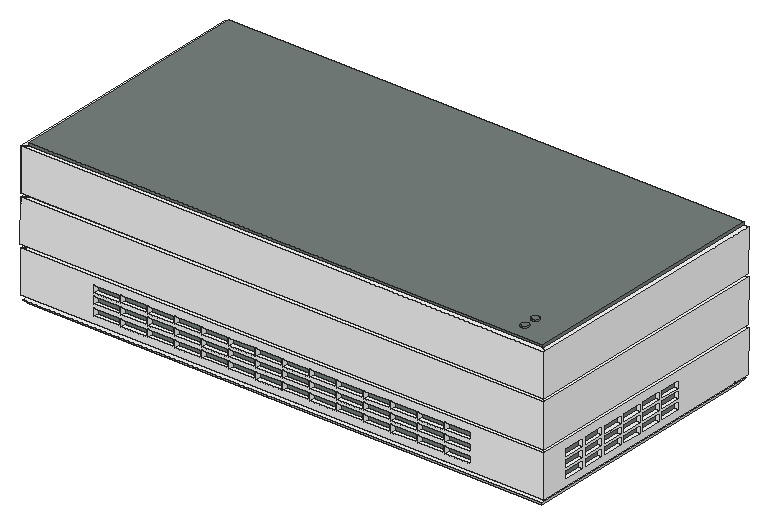
Revit family "AM 500 HB", category Mechanical Equipment, Revit 2019
Family settings
  Round Connector Dimension = Use Diameter
  Part Type = Normal
  OmniClass Number = 23.75.00.00
  OmniClass Title = Climate Control (HVAC)
  Work Plane-Based = No
  Always vertical = Yes
  Cut with Voids When Loaded = No
  Shared = No
  Room Calculation Point = No
Parameters
  Weight (Standard Unit) = 108  # constant formula
  Water Heater Surface Return = 10 mm  # constant formula
  Water Heater Surface IN = 10 mm  # constant formula
  Version number = "1.0"
  URL = "www.airmaster-as.com"
  Total Width = 1600 mm  # constant formula
  Total Hight = 439 mm  # constant formula
  Top Panel [instance] = yes
  T-C Duct Supply = 171.3 mm  # constant formula
  T-C Duct Exhaust = 171.3 mm  # constant formula
  Suply Air In = 250 mm  # constant formula
  Sidepanel Top [instance] = yes
  Sidepanel Middle [instance] = yes
  Side Panel Buttom [instance] = yes
  R-C Duct Supply = 238 mm  # constant formula
  Publication date = ""
  Phase 1 - Max Power Consumption = "1762 W"
  Phase 1 - Max Current = "8,1 A"
  Nominal current, electrical preheating surface = "4,4 A"
  Nominal current, electrical comfort heating surface = "2,6 A"
  Nominal current, air handling unit = "1,1 A"
  Network Conection = "AWG 24 CAT 5e STP"
  Model = "AM 500 HB"
  Middel panel [instance] = yes
  Max. flow rate 35 dB(A) with ePM10 80% filters = 440.00 m³  # constant formula
  Max. flow rate 35 dB(A) with ePM10 55% filters = 495.00 m³  # constant formula
  Max. flow rate 35 dB(A) with ePM10 50% filters = 550.00 m³  # constant formula
  Max. flow rate 30 dB(A) with ePM10 80% filters = 344.00 m³  # constant formula
  Max. flow rate 30 dB(A) with ePM10 55% filters = 387.00 m³  # constant formula
  Max. flow rate 30 dB(A) with ePM10 50% filters = 430.00 m³  # constant formula
  Manufacturer = "Airmaster A/S"
  Maintenance [instance] = no
  L-C Duct Exhaust = 192 mm  # constant formula
  Exhaust Air = 250 mm  # constant formula
  Total Depth = 779 mm  # constant formula
  Electrical connection = "1 ~ 230 V / N / PE / 50 Hz"
  Drawn By = "LSB"
  Condensate = 9 mm  # constant formula
  BMS Panel = "(PTS) 2x2x0,6"
  BMS Out = "(PTS) 2x2x0,6"
  BMS IN = "(PTS) 2x2x0,6"
  Airlow area [instance] = no
Reference planes
  plane 1 "Center (Front/Back)": y = 0
  plane 2: z = 0
  plane 3 "Center (Left/Right)": x = 0
  plane 4 "Center L/S": y = -779
  plane 5 "Center L/T": x = -800
  plane 6 "Center L/U": x = 800
  plane 7 "TOP": z = 439
  plane 8 "Center L/V": x = -785
  plane 9 "Center L/W": y = -764
  plane 10 "Center L/X": x = 785
  plane 11 "Panel Buttom": z = 24.45
  plane 12 "Panel Top": z = 153.45
  plane 13 "Hatch": z = 14.5
  plane 14 "Center L/Z": z = 163.4
  plane 15 "Center L/AA": z = 292.4
  plane 16 "Center L/BB": z = 302.35
  plane 17 "Center L/CC": z = 431.35
Forms (mm)
  Extrusion 1, solid, material "AM Grey"
    sketch origin (0, 0, 0) x (1, 0, 0) y (0, 1, 0)
      loop
        line (-785, 0) -> (-785, -764) -> (785, -764) -> (785, 0) -> (-785, 0)
    from 14.5 to 439
  Extrusion 2, solid, material "AM White"
    sketch origin (794.5, -1524, 24.45) x (0, -1, 0) y (-1, 0, 0)
      loop
        line (-745, -5.5) -> (-745, 1594.5) -> (-760, 1579.5) -> (-760, 9.5) -> (-745, -5.5)
    from 0 to -129
  Blend 3, solid, material "AM White"
    base sketch origin (-790.646, -1524, 14.5) x (0, -1, 0) y (1, 0, 0)
      loop
        line (-745, -2.387) -> (-745, 1583.657) -> (-1524, 1583.657) -> (-1524, -2.387) -> (-745, -2.387)
    top sketch origin (-790.646, -1524, 14.5) x (0, -1, 0) y (1, 0, 0)
      loop
        line (-760, 8.963) -> (-760, 1572.646) -> (-1509.161, 1572.646) -> (-1509.161, 8.963) -> (-760, 8.963)
    from 0 to -14.5
  Extrusion 4, void
    sketch origin (1480.036, -779, 24.45) x (1, 0, 0) y (0, 0, -1)
      loop
        line (-2055.036, -85.5) -> (-2055.036, -107.5) -> (-1977.536, -107.5) -> (-1977.536, -85.5) -> (-2055.036, -85.5)
      loop
        line (-2055.036, -53.5) -> (-2055.036, -75.5) -> (-1977.536, -75.5) -> (-1977.536, -53.5) -> (-2055.036, -53.5)
      loop
        line (-2055.036, -21.5) -> (-2055.036, -43.5) -> (-1977.536, -43.5) -> (-1977.536, -21.5) -> (-2055.036, -21.5)
      loop
        line (-1972.536, -85.5) -> (-1972.536, -107.5) -> (-1895.036, -107.5) -> (-1895.036, -85.5) -> (-1972.536, -85.5)
      loop
        line (-1972.536, -53.5) -> (-1972.536, -75.5) -> (-1895.036, -75.5) -> (-1895.036, -53.5) -> (-1972.536, -53.5)
      loop
        line (-1972.536, -21.5) -> (-1972.536, -43.5) -> (-1895.036, -43.5) -> (-1895.036, -21.5) -> (-1972.536, -21.5)
      loop
        line (-1890.036, -85.5) -> (-1890.036, -107.5) -> (-1812.536, -107.5) -> (-1812.536, -85.5) -> (-1890.036, -85.5)
      loop
        line (-1890.036, -53.5) -> (-1890.036, -75.5) -> (-1812.536, -75.5) -> (-1812.536, -53.5) -> (-1890.036, -53.5)
      loop
        line (-1890.036, -21.5) -> (-1890.036, -43.5) -> (-1812.536, -43.5) -> (-1812.536, -21.5) -> (-1890.036, -21.5)
      loop
        line (-1807.536, -85.5) -> (-1807.536, -107.5) -> (-1730.036, -107.5) -> (-1730.036, -85.5) -> (-1807.536, -85.5)
      loop
        line (-1807.536, -53.5) -> (-1807.536, -75.5) -> (-1730.036, -75.5) -> (-1730.036, -53.5) -> (-1807.536, -53.5)
      loop
        line (-1807.536, -21.5) -> (-1807.536, -43.5) -> (-1730.036, -43.5) -> (-1730.036, -21.5) -> (-1807.536, -21.5)
      loop
        line (-1725.036, -85.5) -> (-1725.036, -107.5) -> (-1647.536, -107.5) -> (-1647.536, -85.5) -> (-1725.036, -85.5)
      loop
        line (-1725.036, -53.5) -> (-1725.036, -75.5) -> (-1647.536, -75.5) -> (-1647.536, -53.5) -> (-1725.036, -53.5)
      loop
        line (-1725.036, -21.5) -> (-1725.036, -43.5) -> (-1647.536, -43.5) -> (-1647.536, -21.5) -> (-1725.036, -21.5)
      loop
        line (-1642.536, -85.5) -> (-1642.536, -107.5) -> (-1565.036, -107.5) -> (-1565.036, -85.5) -> (-1642.536, -85.5)
      loop
        line (-1642.536, -53.5) -> (-1642.536, -75.5) -> (-1565.036, -75.5) -> (-1565.036, -53.5) -> (-1642.536, -53.5)
      loop
        line (-1642.536, -21.5) -> (-1642.536, -43.5) -> (-1565.036, -43.5) -> (-1565.036, -21.5) -> (-1642.536, -21.5)
      loop
        line (-1560.036, -85.5) -> (-1560.036, -107.5) -> (-1482.536, -107.5) -> (-1482.536, -85.5) -> (-1560.036, -85.5)
      loop
        line (-1560.036, -53.5) -> (-1560.036, -75.5) -> (-1482.536, -75.5) -> (-1482.536, -53.5) -> (-1560.036, -53.5)
      loop
        line (-1560.036, -21.5) -> (-1560.036, -43.5) -> (-1482.536, -43.5) -> (-1482.536, -21.5) -> (-1560.036, -21.5)
      loop
        line (-1477.536, -85.5) -> (-1477.536, -107.5) -> (-1400.036, -107.5) -> (-1400.036, -85.5) -> (-1477.536, -85.5)
      loop
        line (-1477.536, -53.5) -> (-1477.536, -75.5) -> (-1400.036, -75.5) -> (-1400.036, -53.5) -> (-1477.536, -53.5)
      loop
        line (-1477.536, -21.5) -> (-1477.536, -43.5) -> (-1400.036, -43.5) -> (-1400.036, -21.5) -> (-1477.536, -21.5)
      loop
        line (-1395.036, -85.5) -> (-1395.036, -107.5) -> (-1317.536, -107.5) -> (-1317.536, -85.5) -> (-1395.036, -85.5)
      loop
        line (-1395.036, -53.5) -> (-1395.036, -75.5) -> (-1317.536, -75.5) -> (-1317.536, -53.5) -> (-1395.036, -53.5)
      loop
        line (-1395.036, -21.5) -> (-1395.036, -43.5) -> (-1317.536, -43.5) -> (-1317.536, -21.5) -> (-1395.036, -21.5)
      loop
        line (-1312.536, -85.5) -> (-1312.536, -107.5) -> (-1235.036, -107.5) -> (-1235.036, -85.5) -> (-1312.536, -85.5)
      loop
        line (-1312.536, -53.5) -> (-1312.536, -75.5) -> (-1235.036, -75.5) -> (-1235.036, -53.5) -> (-1312.536, -53.5)
      loop
        line (-1312.536, -21.5) -> (-1312.536, -43.5) -> (-1235.036, -43.5) -> (-1235.036, -21.5) -> (-1312.536, -21.5)
      loop
        line (-1230.036, -85.5) -> (-1230.036, -107.5) -> (-1152.536, -107.5) -> (-1152.536, -85.5) -> (-1230.036, -85.5)
      loop
        line (-1230.036, -53.5) -> (-1230.036, -75.5) -> (-1152.536, -75.5) -> (-1152.536, -53.5) -> (-1230.036, -53.5)
      loop
        line (-1230.036, -21.5) -> (-1230.036, -43.5) -> (-1152.536, -43.5) -> (-1152.536, -21.5) -> (-1230.036, -21.5)
      loop
        line (-1147.536, -85.5) -> (-1147.536, -107.5) -> (-1070.036, -107.5) -> (-1070.036, -85.5) -> (-1147.536, -85.5)
      loop
        line (-1147.536, -53.5) -> (-1147.536, -75.5) -> (-1070.036, -75.5) -> (-1070.036, -53.5) -> (-1147.536, -53.5)
      loop
        line (-1147.536, -21.5) -> (-1147.536, -43.5) -> (-1070.036, -43.5) -> (-1070.036, -21.5) -> (-1147.536, -21.5)
      loop
        line (-1065.036, -85.5) -> (-1065.036, -107.5) -> (-987.536, -107.5) -> (-987.536, -85.5) -> (-1065.036, -85.5)
      loop
        line (-1065.036, -53.5) -> (-1065.036, -75.5) -> (-987.536, -75.5) -> (-987.536, -53.5) -> (-1065.036, -53.5)
      loop
        line (-1065.036, -21.5) -> (-1065.036, -43.5) -> (-987.536, -43.5) -> (-987.536, -21.5) -> (-1065.036, -21.5)
      loop
        line (-982.536, -85.5) -> (-982.536, -107.5) -> (-905.036, -107.5) -> (-905.036, -85.5) -> (-982.536, -85.5)
      loop
        line (-982.536, -53.5) -> (-982.536, -75.5) -> (-905.036, -75.5) -> (-905.036, -53.5) -> (-982.536, -53.5)
      loop
        line (-982.536, -21.5) -> (-982.536, -43.5) -> (-905.036, -43.5) -> (-905.036, -21.5) -> (-982.536, -21.5)
    from 0 to 15
  Extrusion 5, solid, material "AM Grey"
    sketch origin (-785, -20, 0) x (0, 1, 0) y (0, 0, -1)
      loop
        arc (-34.231, -35.823) -> (-20.604, -46.468) -> (-15.509, -29.944) r 10.5
        arc (-15.509, -29.944) -> (-26.896, -26.432) -> (-34.231, -35.823) r 10.5
    from 0 to 14.9
  Extrusion 6, void
    sketch origin (800, 1296.25, 24.45) x (0, 1, 0) y (0, 0, -1)
      loop
        line (-1995, -105.164) -> (-1927, -105.164) -> (-1927, -80.664) -> (-1995, -80.664) -> (-1995, -105.164)
      loop
        line (-1995, -75.664) -> (-1927, -75.664) -> (-1927, -51.164) -> (-1995, -51.164) -> (-1995, -75.664)
      loop
        line (-1995, -46.164) -> (-1927, -46.164) -> (-1927, -21.664) -> (-1995, -21.664) -> (-1995, -46.164)
      loop
        line (-1922, -105.164) -> (-1854, -105.164) -> (-1854, -80.664) -> (-1922, -80.664) -> (-1922, -105.164)
      loop
        line (-1922, -75.664) -> (-1854, -75.664) -> (-1854, -51.164) -> (-1922, -51.164) -> (-1922, -75.664)
      loop
        line (-1922, -46.164) -> (-1854, -46.164) -> (-1854, -21.664) -> (-1922, -21.664) -> (-1922, -46.164)
      loop
        line (-1849, -105.164) -> (-1781, -105.164) -> (-1781, -80.664) -> (-1849, -80.664) -> (-1849, -105.164)
      loop
        line (-1849, -75.664) -> (-1781, -75.664) -> (-1781, -51.164) -> (-1849, -51.164) -> (-1849, -75.664)
      loop
        line (-1849, -46.164) -> (-1781, -46.164) -> (-1781, -21.664) -> (-1849, -21.664) -> (-1849, -46.164)
      loop
        line (-1776, -105.164) -> (-1708, -105.164) -> (-1708, -80.664) -> (-1776, -80.664) -> (-1776, -105.164)
      loop
        line (-1776, -75.664) -> (-1708, -75.664) -> (-1708, -51.164) -> (-1776, -51.164) -> (-1776, -75.664)
      loop
        line (-1776, -46.164) -> (-1708, -46.164) -> (-1708, -21.664) -> (-1776, -21.664) -> (-1776, -46.164)
      loop
        line (-1703, -105.164) -> (-1635, -105.164) -> (-1635, -80.664) -> (-1703, -80.664) -> (-1703, -105.164)
      loop
        line (-1703, -75.664) -> (-1635, -75.664) -> (-1635, -51.164) -> (-1703, -51.164) -> (-1703, -75.664)
      loop
        line (-1703, -46.164) -> (-1635, -46.164) -> (-1635, -21.664) -> (-1703, -21.664) -> (-1703, -46.164)
      loop
        line (-1630, -105.164) -> (-1562, -105.164) -> (-1562, -80.664) -> (-1630, -80.664) -> (-1630, -105.164)
      loop
        line (-1630, -75.664) -> (-1562, -75.664) -> (-1562, -51.164) -> (-1630, -51.164) -> (-1630, -75.664)
      loop
        line (-1630, -46.164) -> (-1562, -46.164) -> (-1562, -21.664) -> (-1630, -21.664) -> (-1630, -46.164)
    from 0 to 15
  Extrusion 7, solid, material "AM Grey"
    sketch origin (785, 0, 0) x (0, -1, 0) y (0, 0, -1)
      loop
        circle (48.75, -36.414) r 8
    from 0 to 14.9
  Extrusion 8, solid, material "AM Grey"
    sketch origin (785, 0, 0) x (0, -1, 0) y (0, 0, -1)
      loop
        circle (48.75, -60.414) r 5.5
    from 0 to 14.9
  Extrusion 9, solid, material "AM Grey"
    sketch origin (785, 0, 0) x (0, -1, 0) y (0, 0, -1)
      loop
        arc (52.21, -82.945) -> (49.124, -78.934) -> (45.257, -82.197) r 3.5
        arc (45.257, -82.197) -> (48.376, -85.894) -> (52.21, -82.945) r 3.5
    from 0 to 14.9
  Extrusion 10, solid, material "AM Grey"
    sketch origin (785, 0, 0) x (0, -1, 0) y (0, 0, -1)
      loop
        arc (52.21, -104.867) -> (49.124, -100.856) -> (45.257, -104.119) r 3.5
        arc (45.257, -104.119) -> (48.376, -107.816) -> (52.21, -104.867) r 3.5
    from 0 to 14.9
  Extrusion 11, solid, material "AM Grey"
    sketch origin (785, 0, 0) x (0, -1, 0) y (0, 0, -1)
      loop
        arc (666.553, -391.641) -> (678.119, -403.614) -> (689.95, -391.903) r 11.7
        arc (689.95, -391.903) -> (678.381, -380.215) -> (666.553, -391.641) r 11.7
    from 0 to 2
  Extrusion 12, solid, material "AM Grey"
    sketch origin (785, 0, 0) x (0, -1, 0) y (0, 0, -1)
      loop
        arc (707.323, -393.239) -> (721.418, -403.717) -> (730.869, -388.914) r 12
        arc (730.869, -388.914) -> (717.082, -380.112) -> (707.323, -393.239) r 12
    from 0 to 2
  Extrusion 13, solid, material "AM Grey"
    sketch origin (-785, 0, 0) x (1, 0, 0) y (0, 0, -1)
      loop
        circle (1347, -267.7) r 125
    from 0 to 18.45
  Extrusion 14, solid, material "AM Grey"
    sketch origin (-785, 0, 0) x (1, 0, 0) y (0, 0, -1)
      loop
        circle (177, -267.7) r 125
    from 0 to 18.45
  Extrusion 15, solid, material "AM Grey"
    sketch origin (-2194.69, 0, 0) x (1, 0, 0) y (0, 0, -1)
      loop
        arc (1478.835, -24) -> (1493.457, -45.482) -> (1480.281, -23.084) r 13
        line (1480.281, -23.084) -> (1478.835, -24)
    from 0 to 2
  Extrusion 16, solid, material "AM Grey"
    sketch origin (0, 0, 439) x (1, 0, 0) y (0, 1, 0)
      loop
        arc (693.662, -689.53) -> (693, -667.55) -> (692.338, -689.53) r 11
        line (692.338, -689.53) -> (693.662, -689.53)
    from 0 to 2
  Extrusion 17, solid, material "AM Grey"
    sketch origin (0, 0, 439) x (1, 0, 0) y (0, 1, 0)
      loop
        arc (693.662, -730.28) -> (693, -708.3) -> (692.338, -730.28) r 11
        line (692.338, -730.28) -> (693.662, -730.28)
    from 0 to 2
  Extrusion 18, solid, material "Maintenece", visible <- "Maintenance"
    sketch origin (-790.646, -1524, 0) x (1, 0, 0) y (0, -1, 0)
      loop
        line (-9.354, -1524) -> (1590.646, -1524) -> (1590.646, -745) -> (-9.354, -745) -> (-9.354, -1524)
    from 0 to 1200
  Extrusion 19, solid, material "Maintenece", visible <- "Airlow area"
    sketch origin (800, 1296.25, 24.45) x (0, -1, 0) y (0, 0, -1)
      loop
        line (1296.25, -129) -> (2081.25, -129) -> (2081.25, 21) -> (1296.25, 21) -> (1296.25, -129)
    from 0 to 500
  Extrusion 20, solid, material "AM White", visible <- "Middel panel"
    sketch origin (794.5, -1524, 163.4) x (0, -1, 0) y (-1, 0, 0)
      loop
        line (-745, -5.5) -> (-745, 1594.5) -> (-760, 1579.5) -> (-760, 9.5) -> (-745, -5.5)
    from 0 to -129
  Extrusion 21, solid, material "AM White", visible <- "Top Panel"
    sketch origin (794.5, -1524, 302.35) x (0, -1, 0) y (-1, 0, 0)
      loop
        line (-745, -5.5) -> (-745, 1594.5) -> (-760, 1579.5) -> (-760, 9.5) -> (-745, -5.5)
    from 0 to -129
  Extrusion 22, solid, material "AM White", visible <- "Side Panel Buttom"
    sketch origin (794.5, -1524, 24.45) x (0, -1, 0) y (-1, 0, 0)
      loop
        line (-1524, -5.5) -> (-745, -5.5) -> (-760, 9.5) -> (-1524, 9.5) -> (-1524, -5.5)
      loop
        line (-760, 1579.5) -> (-745, 1594.5) -> (-1524, 1594.5) -> (-1524, 1579.5) -> (-760, 1579.5)
    from 0 to -129
  Extrusion 23, solid, material "AM White", visible <- "Sidepanel Middle"
    sketch origin (794.5, -1524, 163.4) x (0, -1, 0) y (-1, 0, 0)
      loop
        line (-1524, -5.5) -> (-745, -5.5) -> (-760, 9.5) -> (-1524, 9.5) -> (-1524, -5.5)
      loop
        line (-760, 1579.5) -> (-745, 1594.5) -> (-1524, 1594.5) -> (-1524, 1579.5) -> (-760, 1579.5)
    from 0 to -129
  Extrusion 24, solid, material "AM White", visible <- "Sidepanel Top"
    sketch origin (794.5, -1524, 302.35) x (0, -1, 0) y (-1, 0, 0)
      loop
        line (-1524, -5.5) -> (-745, -5.5) -> (-760, 9.5) -> (-1524, 9.5) -> (-1524, -5.5)
      loop
        line (-760, 1579.5) -> (-745, 1594.5) -> (-1524, 1594.5) -> (-1524, 1579.5) -> (-760, 1579.5)
    from 0 to -129
Cuts and joins
  Extrusion 4, Extrusion 6 cuts Extrusion 1
  Extrusion 4, Extrusion 6 cuts Extrusion 2
  Extrusion 6 cuts Extrusion 22
Dimensions and locks
  "Total Depth": plane 4 "Center L/S" to plane 1 "Center (Front/Back)"
  equal spacing: plane 5 "Center L/T", plane 3 "Center (Left/Right)", plane 6 "Center L/U"
  "Total Width": plane 5 "Center L/T" to plane 6 "Center L/U"
  "Total Hight": plane 7 "TOP" to level
  locked: plane 10 "Center L/X" to plane 6 "Center L/U" at 15
  locked: plane 4 "Center L/S" to plane 9 "Center L/W" at 15
  locked: plane 5 "Center L/T" to plane 8 "Center L/V" at 15
  Extrusion 1 to Blend 3 sketch curve = 14.839 mm
  "R-C Duct Supply": plane 6 "Center L/U" to Extrusion 13 sketch curve
  "T-C Duct Supply": Extrusion 13 sketch curve to cut or joined group of Extrusion 1, Extrusion 4, Extrusion 6
  "T-C Duct Exhaust": Extrusion 14 sketch curve to plane 7 "TOP"
  "L-C Duct Exhaust": Extrusion 14 sketch curve to plane 5 "Center L/T"
  nested 3 to cut or joined group of Extrusion 2, Extrusion 4, Extrusion 6 = 550 mm
  aligned and locked: level to plane 2
  aligned and locked: plane 1 "Center (Front/Back)" to Extrusion 1 sketch curve
  aligned and locked: Extrusion 1 sketch curve to plane 8 "Center L/V"
  aligned and locked: Extrusion 1 sketch curve to plane 9 "Center L/W"
  aligned and locked: Extrusion 1 sketch curve to plane 10 "Center L/X"
  aligned and locked: plane 7 "TOP" to Extrusion 1
  aligned and locked: plane 4 "Center L/S" to Extrusion 2 sketch curve
  aligned and locked: Extrusion 2 sketch curve to Extrusion 1
  aligned and locked: Extrusion 2 to plane 12 "Panel Top"
  aligned and locked: Blend 3 to plane 2
  aligned and locked: plane 13 "Hatch" to Extrusion 1
  aligned and locked: Extrusion 18 sketch curve to cut or joined group of Extrusion 2, Extrusion 4, Extrusion 6
  aligned and locked: Extrusion 19 sketch curve to cut or joined group of Extrusion 2, Extrusion 4, Extrusion 6
  aligned and locked: Extrusion 20 to plane 15 "Center L/AA"
  aligned and locked: Extrusion 21 to plane 17 "Center L/CC"
Automatic sketch dimensions
  Extrusion 2 sketch curve to plane 5 "Center L/T" = 0 mm
  Extrusion 2 sketch curve to plane 8 "Center L/V" = 0 mm
  Extrusion 2 sketch curve to plane 10 "Center L/X" = 0 mm
  Extrusion 2 sketch curve to plane 6 "Center L/U" = 0 mm
  plane 1 "Center (Front/Back)" to Blend 3 sketch curve = 0 mm
  plane 4 "Center L/S" to Blend 3 sketch curve = 0 mm
  plane 5 "Center L/T" to Blend 3 sketch curve = 6.967 mm
  Blend 3 sketch curve to plane 6 "Center L/U" = 6.989 mm
  plane 9 "Center L/W" to Blend 3 sketch curve = 0 mm
  plane 8 "Center L/V" to Blend 3 sketch curve = 3.316 mm
  Blend 3 sketch curve to plane 10 "Center L/X" = 3 mm
  Extrusion 4 sketch curve to Extrusion 2 = 43.5 mm  (x4)
  Extrusion 2 to Extrusion 4 sketch curve = 225 mm
  Extrusion 4 sketch curve to Extrusion 4 sketch curve = 0 mm  (x87)
  Extrusion 4 sketch curve to Extrusion 4 sketch curve = 77.5 mm  (x14)
  Extrusion 4 sketch curve to Extrusion 4 sketch curve = 5 mm  (x39)
  Extrusion 4 sketch curve to Extrusion 2 = 21.5 mm  (x7)
  Extrusion 4 sketch curve to Extrusion 4 sketch curve = 10 mm  (x12)
  Extrusion 4 sketch curve to Extrusion 4 sketch curve = 22 mm  (x4)
  Extrusion 5 sketch curve to Extrusion 5 sketch curve = 0 mm  (x2)
  Extrusion 1 to Extrusion 5 sketch curve = 43.75 mm
  Extrusion 1 to Extrusion 5 sketch curve = 21.95 mm
  Extrusion 5 sketch curve to Extrusion 5 sketch curve = 10.481 mm
  Extrusion 5 sketch curve to Extrusion 5 sketch curve = 8.241 mm
  Extrusion 5 sketch curve to Extrusion 5 sketch curve = 0.627 mm
  plane 12 "Panel Top" to Extrusion 6 sketch curve = 23.836 mm  (x2)
  Extrusion 6 sketch curve to plane 9 "Center L/W" = 65.25 mm
  Extrusion 6 sketch curve to Extrusion 6 sketch curve = 0 mm  (x33)
  Extrusion 6 sketch curve to Extrusion 6 sketch curve = 68 mm  (x6)
  Extrusion 6 sketch curve to Extrusion 6 sketch curve = 5 mm  (x22)
  Extrusion 6 sketch curve to Extrusion 6 sketch curve = 24.5 mm  (x5)
  Extrusion 6 sketch curve to plane 11 "Panel Buttom" = 21.664 mm  (x3)
  Extrusion 1 to Extrusion 7 sketch curve = 21.914 mm
  Extrusion 1 to Extrusion 7 sketch curve = 48.75 mm
  Extrusion 1 to Extrusion 8 sketch curve = 48.75 mm
  Extrusion 1 to Extrusion 8 sketch curve = 45.914 mm
  Extrusion 9 sketch curve to Extrusion 9 sketch curve = 0 mm  (x2)
  Extrusion 1 to Extrusion 9 sketch curve = 48.75 mm
  Extrusion 1 to Extrusion 9 sketch curve = 67.914 mm
  Extrusion 9 sketch curve to Extrusion 9 sketch curve = 3.493 mm
  Extrusion 9 sketch curve to Extrusion 9 sketch curve = 3.46 mm
  Extrusion 9 sketch curve to Extrusion 9 sketch curve = 0.531 mm
  Extrusion 10 sketch curve to Extrusion 10 sketch curve = 0 mm  (x2)
  Extrusion 1 to Extrusion 10 sketch curve = 48.75 mm
  Extrusion 1 to Extrusion 10 sketch curve = 89.836 mm
  Extrusion 10 sketch curve to Extrusion 10 sketch curve = 3.493 mm
  Extrusion 10 sketch curve to Extrusion 10 sketch curve = 3.46 mm
  Extrusion 10 sketch curve to Extrusion 10 sketch curve = 0.531 mm
  Extrusion 11 sketch curve to Extrusion 11 sketch curve = 0 mm  (x2)
  Extrusion 1 to Extrusion 11 sketch curve = 85.75 mm
  Extrusion 1 to Extrusion 11 sketch curve = 47.086 mm
  Extrusion 11 sketch curve to Extrusion 11 sketch curve = 11.697 mm
  Extrusion 11 sketch curve to Extrusion 11 sketch curve = 11.7 mm
  Extrusion 11 sketch curve to Extrusion 11 sketch curve = 0.011 mm
  Extrusion 12 sketch curve to Extrusion 12 sketch curve = 0 mm  (x2)
  Extrusion 1 to Extrusion 12 sketch curve = 44.75 mm
  Extrusion 1 to Extrusion 12 sketch curve = 47.086 mm
  Extrusion 12 sketch curve to Extrusion 12 sketch curve = 11.927 mm
  Extrusion 12 sketch curve to Extrusion 12 sketch curve = 11.619 mm
  Extrusion 12 sketch curve to Extrusion 12 sketch curve = 1.325 mm
  Extrusion 1 to Extrusion 15 sketch curve = 9.5 mm
  Extrusion 15 sketch curve to Extrusion 1 = 69.145 mm
  Extrusion 1 to Extrusion 15 sketch curve = 8.584 mm
  Extrusion 15 sketch curve to Extrusion 15 sketch curve = 1.446 mm
  Extrusion 15 sketch curve to Extrusion 15 sketch curve = 6.219 mm
  Extrusion 16 sketch curve to Extrusion 1 = 92.662 mm
  Extrusion 16 sketch curve to Extrusion 16 sketch curve = 0.662 mm
  Extrusion 16 sketch curve to Extrusion 1 = 74.47 mm
  Extrusion 16 sketch curve to Extrusion 16 sketch curve = 10.98 mm
  Extrusion 17 sketch curve to Extrusion 1 = 92.662 mm
  Extrusion 17 sketch curve to Extrusion 17 sketch curve = 0.662 mm
  Extrusion 17 sketch curve to Extrusion 1 = 33.72 mm
  Extrusion 17 sketch curve to Extrusion 17 sketch curve = 10.98 mm
  Extrusion 18 sketch curve to Blend 3 = 18.316 mm
  Extrusion 18 sketch curve to Blend 3 = 18 mm
  Extrusion 18 sketch curve to Blend 3 = 14.839 mm
  Extrusion 19 sketch curve to plane 1 "Center (Front/Back)" = 0 mm
  plane 4 "Center L/S" to Extrusion 19 sketch curve = 6 mm
  level to Extrusion 19 sketch curve = 3.45 mm
  Extrusion 20 sketch curve to plane 8 "Center L/V" = 0 mm
  Extrusion 20 sketch curve to plane 9 "Center L/W" = 0 mm
  plane 4 "Center L/S" to Extrusion 20 sketch curve = 0 mm
  Extrusion 20 sketch curve to plane 5 "Center L/T" = 0 mm
  Extrusion 20 sketch curve to plane 10 "Center L/X" = 0 mm
  Extrusion 20 sketch curve to plane 6 "Center L/U" = 0 mm
  Extrusion 21 sketch curve to plane 8 "Center L/V" = 0 mm
  Extrusion 21 sketch curve to plane 9 "Center L/W" = 0 mm
  plane 4 "Center L/S" to Extrusion 21 sketch curve = 0 mm
  Extrusion 21 sketch curve to plane 5 "Center L/T" = 0 mm
  Extrusion 21 sketch curve to plane 10 "Center L/X" = 0 mm
  Extrusion 21 sketch curve to plane 6 "Center L/U" = 0 mm
  plane 1 "Center (Front/Back)" to Extrusion 22 sketch curve = 0 mm  (x2)
  plane 9 "Center L/W" to Extrusion 22 sketch curve = 0 mm
  Extrusion 22 sketch curve to plane 8 "Center L/V" = 0 mm
  Extrusion 22 sketch curve to plane 9 "Center L/W" = 0 mm
  plane 4 "Center L/S" to Extrusion 22 sketch curve = 0 mm  (x2)
  Extrusion 22 sketch curve to plane 5 "Center L/T" = 0 mm
  Extrusion 22 sketch curve to plane 10 "Center L/X" = 0 mm
  Extrusion 22 sketch curve to plane 6 "Center L/U" = 0 mm
  plane 1 "Center (Front/Back)" to Extrusion 23 sketch curve = 0 mm  (x2)
  plane 9 "Center L/W" to Extrusion 23 sketch curve = 0 mm
  Extrusion 23 sketch curve to plane 8 "Center L/V" = 0 mm
  Extrusion 23 sketch curve to plane 9 "Center L/W" = 0 mm
  plane 4 "Center L/S" to Extrusion 23 sketch curve = 0 mm  (x2)
  Extrusion 23 sketch curve to plane 5 "Center L/T" = 0 mm
  Extrusion 23 sketch curve to plane 10 "Center L/X" = 0 mm
  Extrusion 23 sketch curve to plane 6 "Center L/U" = 0 mm
  plane 1 "Center (Front/Back)" to Extrusion 24 sketch curve = 0 mm  (x2)
  plane 9 "Center L/W" to Extrusion 24 sketch curve = 0 mm
  Extrusion 24 sketch curve to plane 8 "Center L/V" = 0 mm
  Extrusion 24 sketch curve to plane 9 "Center L/W" = 0 mm
  plane 4 "Center L/S" to Extrusion 24 sketch curve = 0 mm  (x2)
  Extrusion 24 sketch curve to plane 5 "Center L/T" = 0 mm
  Extrusion 24 sketch curve to plane 10 "Center L/X" = 0 mm
  Extrusion 24 sketch curve to plane 6 "Center L/U" = 0 mm
  radius of Extrusion 7 sketch curve = 8 mm
  radius of Extrusion 8 sketch curve = 5.5 mm
  radius of Extrusion 13 sketch curve = 125 mm
  radius of Extrusion 14 sketch curve = 125 mm
Nested families
  nested 1: "Model Label 2019" at (0, -361.924, 0), Label <- "Model", type "Model Label 2019"
    with Label "AM 500 HB"
  nested 2: "Pil Indtag" at (1400, -364, 0) x (-1, 0, 0) z (0, 0, 1), type "Pil Indtag"
    with dX_ 609 mm, dX 609 mm, ang2D 0.00°
  nested 3: "indblæssymbol" at (0, -879, 0) x (0, -1, 0) z (0, 0, 1), type "indblæssymbol"
    with dX_ 609 mm, dX 609 mm, ang2D 0.00°
Connectors
  piping at (-799.9, -44.87, 32.883), diameter 9, driven by "Condensate"
    settings: on Extrusion 5, index 1, connector inside diameter 609.6 mm, connector length 0 mm, flow factor 0, pipe flow 0.0 L/s, pressure drop 0.0 Pa, fitting loss kfactor 0, connector angle 0.00°, fixture units 0, engagement length 0 mm, angle of deflection 0.00°, flow configuration 0, flow direction 0, fitting loss method 0, system type 16, joint type 0, gender type 0, connector reference index -1, connector utility 0, adjustable connector no, is connector primary yes, connector description ""
  electrical at (799.9, -48.75, 36.414), driven by "Electrical connection"
    settings: on Extrusion 7, index 2, voltage 230 V, apparent load 0 VA, apparent load phase1 0 VA, apparent load phase2 0 VA, apparent load phase3 0 VA, power factor 0.58, load classification "Other", number of poles 1, system type 30, power factor state 1, is connector primary yes, connector utility no, sub classification motor no, connector description "1 ~ 230 V / N / PE / 50 Hz"
  electrical at (799.9, -48.75, 60.414), driven by "Network Conection"
    settings: on Extrusion 8, index 3, voltage 0 V, apparent load 0 VA, apparent load phase1 0 VA, apparent load phase2 0 VA, apparent load phase3 0 VA, power factor 1, load classification "Other", number of poles 1, system type 5, power factor state 1, is connector primary no, connector utility no, sub classification motor no, connector description "AWG 24 CAT 5e STP"
  electrical at (799.9, -48.733, 82.571), driven by "BMS IN"
    settings: on Extrusion 9, index 4, voltage 0 V, apparent load 0 VA, apparent load phase1 0 VA, apparent load phase2 0 VA, apparent load phase3 0 VA, power factor 1, load classification "Other", number of poles 1, system type 5, power factor state 1, is connector primary no, connector utility no, sub classification motor no, connector description "(PTS) 2x2x0,6"
  electrical at (799.9, -48.733, 104.493), driven by "BMS Out"
    settings: on Extrusion 10, index 5, voltage 0 V, apparent load 0 VA, apparent load phase1 0 VA, apparent load phase2 0 VA, apparent load phase3 0 VA, power factor 1, load classification "Other", number of poles 1, system type 5, power factor state 1, is connector primary no, connector utility no, sub classification motor no, connector description "(PTS) 2x2x0,6"
  piping at (787, -719.096, 391.076), diameter 10, driven by "Water Heater Surface IN"
    settings: on Extrusion 12, index 6, connector inside diameter 609.6 mm, connector length 0 mm, flow factor 0, pipe flow 0.0 L/s, pressure drop 0.0 Pa, fitting loss kfactor 0, connector angle 0.00°, fixture units 0, engagement length 0 mm, angle of deflection 0.00°, flow configuration 0, flow direction 1, fitting loss method 0, system type 7, joint type 0, gender type 0, connector reference index -1, connector utility 0, adjustable connector no, is connector primary no, connector description ""
  piping at (787, -678.252, 391.772), diameter 10, driven by "Water Heater Surface Return"
    settings: on Extrusion 11, index 7, connector inside diameter 609.6 mm, connector length 0 mm, flow factor 0, pipe flow 0.0 L/s, pressure drop 0.0 Pa, fitting loss kfactor 0, connector angle 0.00°, fixture units 0, engagement length 0 mm, angle of deflection 0.00°, flow configuration 0, flow direction 2, fitting loss method 0, system type 8, joint type 0, gender type 0, connector reference index -1, connector utility 0, adjustable connector no, is connector primary no, connector description ""
  piping at (-715.132, 2, 23.542), diameter 9, driven by "Condensate"
    settings: on Extrusion 15, index 8, connector inside diameter 609.6 mm, connector length 0 mm, flow factor 0, pipe flow 0.0 L/s, pressure drop 0.0 Pa, fitting loss kfactor 0, connector angle 0.00°, fixture units 0, engagement length 0 mm, angle of deflection 0.00°, flow configuration 0, flow direction 0, fitting loss method 0, system type 16, joint type 0, gender type 0, connector reference index -1, connector utility 0, adjustable connector no, is connector primary no, connector description "9"
  piping at (693, -730.28, 441), diameter 10, driven by "Water Heater Surface IN"
    settings: on Extrusion 17, index 11, connector inside diameter 609.6 mm, connector length 0 mm, flow factor 0, pipe flow 0.0 L/s, pressure drop 0.0 Pa, fitting loss kfactor 0, connector angle 0.00°, fixture units 0, engagement length 0 mm, angle of deflection 0.00°, flow configuration 0, flow direction 0, fitting loss method 0, system type 19, joint type 0, gender type 0, connector reference index -1, connector utility 0, adjustable connector no, is connector primary no, connector description ""
  piping at (693, -689.53, 441), diameter 10, driven by "Water Heater Surface Return"
    settings: on Extrusion 16, index 12, connector inside diameter 609.6 mm, connector length 0 mm, flow factor 0, pipe flow 0.0 L/s, pressure drop 0.0 Pa, fitting loss kfactor 0, connector angle 0.00°, fixture units 0, engagement length 0 mm, angle of deflection 0.00°, flow configuration 0, flow direction 0, fitting loss method 0, system type 19, joint type 0, gender type 0, connector reference index -1, connector utility 0, adjustable connector no, is connector primary no, connector description ""
  hvac at (-608, 0, 267.7), driven by "Exhaust Air"
    settings: on Extrusion 14, index 13, duct flow 0.0 L/s, flow factor 0, pres drop 0.0 Pa, loss coef 0, conn angle 0.00°, conn width 304.8 mm, conn height 304.8 mm, conn diameter 250 mm, duct sys type 3, conn prof type 0, flow config 0, flow direction 2, loss method 0, conn ref index -1, conn util no, is conn primary yes, conn desc ""
  hvac at (562, 0, 267.7), driven by "Suply Air In"
    settings: on Extrusion 13, index 14, duct flow 0.0 L/s, flow factor 0, pres drop 0.0 Pa, loss coef 0, conn angle 0.00°, conn width 304.8 mm, conn height 304.8 mm, conn diameter 250 mm, duct sys type 1, conn prof type 0, flow config 0, flow direction 1, loss method 0, conn ref index -1, conn util no, is conn primary no, conn desc ""
Definition of nested family "Model Label 2019"
  Parameters (values of type "Model Label 2019")
    Label [instance] = ""
  Reference planes
    plane 1: y = 0
    plane 2: x = 0
  Text (mm)
    label "Label" at (-0.131, 0.049, 0), shows "Label"
Definition of nested family "Pil Indtag"
  Parameters (values of type "Pil Indtag")
    dX_ [instance] = if(dX = 0 mm, 1 mm, dX)  # 609 mm
    dX [instance] = 609 mm
    ang2D [instance] = 0.00°
    Type Comments = "DO NOT CHANGE dX value from 608 mm ( 2 ft )"
    Afstand pil = 50 mm
  Reference planes
    plane 1 "Center (Front/Back)": y = 0
    plane 2: z = 0
    plane 3 "Center (Left/Right)": x = 0
    plane 4: x = 500
  Lines and regions (mm)
    Filled region 1, type "Concrete", in view "Ref. Level"
      outline origin (0, 0, 0) x (1, 0, 0) y (0, 1, 0)
        loop
          line (499.552, 0) -> (401.072, 17.365) -> (401.072, -17.365) -> (499.552, 0)
    reference lines, in view "Ref. Level"
      curve 1: line (50, 134.129, 0) -> (50, -145.871, 0)
    detail lines, in view "Ref. Level", not visible
      curve 2: arc (335, 0, 0) -> (385.559, -50.321, 0) -> (434.999, 1.101, 0) r 50.01
      curve 3: arc (335, 0, 0) -> (285.666, 52.633, 0) -> (235.069, 1.212, 0) r 50.01
      curve 4: line (434.999, 1.101, 0) -> (434.999, 21.156, 0)
      curve 5: line (235.069, 1.212, 0) -> (235.069, -18.844, 0)
    detail lines, in view "Ref. Level"
      curve 6: arc (225.332, 0, 0) -> (272.332, -35.211, 0) -> (294.114, 19.326, 0) r 36.995
      curve 7: arc (225.206, 0, 0) -> (173.868, 30.307, 0) -> (156.85, -26.829, 0) r 37.835
      curve 8: line (499.552, 0, 0) -> (401.072, 17.365, 0)
      curve 9: line (401.072, 17.365, 0) -> (401.072, -17.365, 0)
      curve 10: line (401.072, -17.365, 0) -> (499.552, 0, 0)
      curve 11: line (499.552, 0, 0) -> (-15.448, 0, 0)
  Dimensions and locks
    "Afstand pil": plane 3 "Center (Left/Right)" to curve 1
    plane 3 "Center (Left/Right)" to plane 4 = 500 mm
  Automatic sketch dimensions
    plane 1 "Center (Front/Back)" to Filled region 1 sketch curve = 0 mm
    Filled region 1 sketch curve to plane 4 = 0.448 mm
    plane 1 "Center (Front/Back)" to Filled region 1 sketch curve = 17.365 mm
    Filled region 1 sketch curve to plane 4 = 98.928 mm
    Filled region 1 sketch curve to plane 1 "Center (Front/Back)" = 17.365 mm
    plane 1 "Center (Front/Back)" to curve 11 = 0 mm
    plane 1 "Center (Front/Back)" to curve 7 = 4.913 mm
    plane 3 "Center (Left/Right)" to curve 7 = 187.691 mm
    curve 6 to plane 1 "Center (Front/Back)" = 0.405 mm
    curve 7 to curve 6 = 74.634 mm
    curve 9 to plane 1 "Center (Front/Back)" = 17.365 mm
    curve 9 to plane 4 = 98.928 mm
    curve 11 to plane 4 = 0.448 mm
    plane 1 "Center (Front/Back)" to curve 10 = 17.365 mm
    curve 7 to curve 7 = 30.842 mm
    curve 11 to plane 3 "Center (Left/Right)" = 15.448 mm
    curve 7 to curve 6 = 37.119 mm
    curve 7 to curve 6 = 0.126 mm
    curve 6 to plane 1 "Center (Front/Back)" = 19.326 mm
    plane 1 "Center (Front/Back)" to curve 1 = 145.871 mm
    curve 1 to plane 1 "Center (Front/Back)" = 134.129 mm
Definition of nested family "indblæssymbol"
  Parameters (values of type "indblæssymbol")
    dX_ [instance] = if(dX = 0 mm, 1 mm, dX)  # 609 mm
    dX [instance] = 609 mm
    ang2D [instance] = 0.00°
    Type Comments = "DO NOT CHANGE dX value from 608 mm ( 2 ft )"
    Afstand pil = 50 mm
  Reference planes
    plane 1 "Center (Front/Back)": y = 0
    plane 2: z = 0
    plane 3 "Center (Left/Right)": x = 0
  Lines and regions (mm)
    Filled region 1, type "Concrete", in view "Ref. Level"
      outline origin (50.005, 0, 0) x (1, 0, 0) y (0, 1, 0)
        loop
          line (399.995, 0.414) -> (301.442, 17.365) -> (301.588, -17.365) -> (399.995, 0.414)
    reference lines, in view "Ref. Level"
      curve 1: line (50, 134.129, 0) -> (50, -145.871, 0)
    detail lines, in view "Ref. Level"
      curve 2: line (351.52, 0, 0) -> (50, 0, 0)
  Dimensions and locks
    "Afstand pil": plane 3 "Center (Left/Right)" to curve 1
    curve 1 to Filled region 1 = 400 mm
  Automatic sketch dimensions
    Filled region 1 sketch curve to plane 1 "Center (Front/Back)" = 0.414 mm
    plane 3 "Center (Left/Right)" to Filled region 1 sketch curve = 450 mm
    plane 1 "Center (Front/Back)" to Filled region 1 sketch curve = 17.365 mm
    Filled region 1 sketch curve to Filled region 1 sketch curve = 98.407 mm
    Filled region 1 sketch curve to plane 1 "Center (Front/Back)" = 17.365 mm
    Filled region 1 sketch curve to Filled region 1 sketch curve = 0.146 mm
    plane 1 "Center (Front/Back)" to curve 2 = 0 mm
    plane 3 "Center (Left/Right)" to curve 2 = 50 mm
    curve 2 to curve 2 = 301.52 mm
    plane 1 "Center (Front/Back)" to curve 1 = 145.871 mm
    curve 1 to plane 1 "Center (Front/Back)" = 134.129 mm
